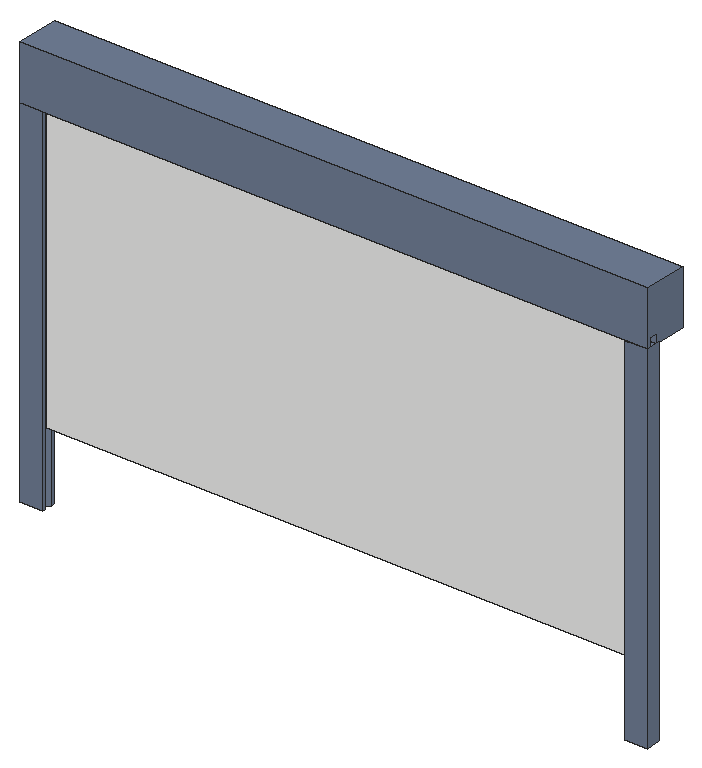
Revit family "B2B_Ворота. Противопожарные шторы", category Двери, Revit 2019
Family settings
  Основа = Стена
  Номер OmniClass = 23.30.10.00
  Заголовок OmniClass = Doors
  Всегда вертикально = Да
  При загрузке вырезать с полостями = Нет
  Общий = Нет
  Точка расчета площади = Нет
Parameters (values of type "2300*3500 в проем")
  Четверть глубина [instance] = 150 mm
  Толщина = if(1 = 1, Направляющая_толщина / 5, Направляющая_толщина / 5)  # 16 mm
  Тип конструкций = if(В проем, "Ворота противопожарные шторы в проем", "Ворота противопожарные шторы накладная")  # "Ворота противопожарные шторы в проем"
  Рулон ширина = 245 mm
  Рулон высота = 306 mm
  Rough Width = 3500 mm
  Rough Height = 2300 mm
  Полотно подъем [instance] = 400 mm
  Полотно = Ворота гаража
  Подвес наличник = Ворота гаража детали
  Подвес высота = 200 mm
  Описание = "Дверь. Ворота противопожарные шторы"  # constant formula
  Группа модели = "Заполнение дверных проемов"  # constant formula
  Аналитическая конструкция = "<Нет>"
  h = if(В проем, Height - Рулон высота, Height)  # 1994 mm
  a [instance] = if(В проем, Четверть глубина, 0 mm)  # 150 mm
  Направляющая_ширина = 125 mm
  Направляющая_толщина = 80 mm
  Каркас = Ворота секционные. Краска
  L = if(В проем, Width - 2 * Направляющая_ширина, Width)  # 3250 mm
  В проем = yes
  Функция = Наружные слои
  Height = Rough Height  # 2300 mm
  Замыкание стены = По основе
  Width = Rough Width  # 3500 mm
  ADSK_Этаж [instance] = ""
  ADSK_Толщина стены [instance] = 500 mm
  ADSK_Размер_Ширина [instance] = Width  # 3500 mm
  ADSK_Размер_Высота [instance] = Height  # 2300 mm
  ADSK_Примечание [instance] = ""
  ADSK_Предел огнестойкости экземпляра [instance] = ""
  ADSK_Предел огнестойкости = ""
  ADSK_Позиция [instance] = ""
  ADSK_Обозначение = ""
  ADSK_Наименование краткое = ""
  ADSK_Наименование = ""
  ADSK_Масса_Текст = ""
  ADSK_Масса = 0
  ADSK_Марка = ""
  ADSK_Количество = 1  # constant formula
  ADSK_Код изделия = ""
  ADSK_Зона [instance] = ""
  ADSK_Завод-изготовитель = ""
  ADSK_Единица измерения [instance] = "шт."  # constant formula
  ADSK_Группирование [instance] = ""
  ADSK_Версия семейства = "1.0"  # constant formula
  ADSK_Версия Revit = "2019"  # constant formula
  ADSK_URL страницы изделия = ""
  ADSK_URL документации изделия = ""
Types (2, lengths in mm): name | Тип конструкций | Rough Width | Rough Height | Полотно подъем | Подвес высота | h | a | L | В проем | Height | Width | ADSK_Размер_Ширина | ADSK_Размер_Высота
  2500*3000 накладная | "Ворота противопожарные шторы накладная" | 3000 | 2500 | 1000 | 300 | 2500 | 0 | 3000 | no | 2500 | 3000 | 3000 | 2500
  2300*3500 в проем | "Ворота противопожарные шторы в проем" | 3500 | 2300 | 400 | 200 | 1994 | 150 | 3250 | yes | 2300 | 3500 | 3500 | 2300
Reference planes
  plane 1: y = 0
  plane 2 "По центру (Влево/Вправо)": x = 0
  plane 3 "Слева": x = -1750
  plane 4 "Справа": x = 1750
  plane 5: z = 2300
  plane 6 "Наружный": y = 250
  plane 7 "Внутренние": y = -250
  plane 8 "ворота.плоскость": y = 100
  plane 9: x = -1625
  plane 10: x = 1625
  plane 11: x = -1750
  plane 12: x = 1750
  plane 13: y = 180
  plane 14: y = 164
  plane 15: y = 116
  plane 16: y = 148
  plane 17: y = 132
  plane 18: x = -1645.833
  plane 19: x = -1687.5
  plane 20: x = -1666.667
  plane 21: x = 1687.5
  plane 22: x = 1666.667
  plane 23: x = 1645.833
  plane 24 "подвес": z = 2300
  plane 25: z = 2500
  plane 26: z = 1994
  plane 27: y = 345
  plane 28: y = 148
  plane 29: y = 132
  plane 30: y = 116
  plane 31: y = 164
  plane 32: y = 137.333
  plane 33: y = 142.667
  plane 34: z = 400
  plane 35: z = 2450
  plane 36: z = 2400
  plane 37: z = 2350
  plane 38: y = 283.75
  plane 39: y = 222.5
  plane 40: y = 161.25
Forms (mm)
  Extrusion 1, solid, material "Ворота секционные. Краска" <- "Каркас"
    sketch origin (0, 0, 0) x (1, 0, 0) y (0, 1, 0)
      loop
        line (-1750, 180) -> (-1750, 100) -> (-1625, 100) -> (-1625, 116) -> (-1645.833, 132) -> (-1666.667, 132) -> (-1666.667, 148) -> (-1645, 148) -> (-1625, 164) -> (-1625, 180) -> (-1750, 180)
      loop
        line (1625, 180) -> (1625, 164) -> (1645.833, 148) -> (1666.667, 148) -> (1666.667, 132) -> (1645.833, 132) -> (1625, 116) -> (1625, 100) -> (1750, 100) -> (1750, 180) -> (1625, 180)
    from 0 to 1994
  Extrusion 2, solid, material "Ворота секционные. Краска" <- "Каркас"
    sketch origin (0, 0, 0) x (0, 1, 0) y (0, 0, 1)
      loop
        line (345, 1994) -> (345, 2300) -> (100, 2300) -> (100, 1994) -> (116, 1994) -> (116, 2044) -> (164, 2044) -> (164, 1994) -> (345, 1994)
    from -1750 to 1750
  Extrusion 3, solid, material "Ворота гаража" <- "Полотно"
    sketch origin (0, 0, 0) x (1, 0, 0) y (0, 1, 0)
      loop
        line (-1675, 142.667) -> (-1675, 137.333) -> (-1625, 137.333) -> (-1625, 132) -> (1625, 132) -> (1625, 137.333) -> (1675, 137.333) -> (1675, 142.667) -> (1625, 142.667) -> (1625, 148) -> (-1625, 148) -> (-1625, 142.667) -> (-1675, 142.667)
    from 400 to 2044
Lines and regions (mm)
  Opening 1
    outline origin (-3050, -250, 0) x (1, 0, 0) y (0, 0, 1)
      loop
        line (1300, 0) -> (4800, 0) -> (4800, 2300) -> (1300, 2300) -> (1300, 0)
Text (mm)
  text "Exterior" at (-2295.016, 1099.543, 0), in view "Опорный уровень"
  text "Exterior" at (0, 1615.38, 3698.081), in view "Слева"
  text "Exterior" at (0, 1036.032, 3874.932), in view "Справа"
Dimensions and locks
  equal spacing: plane 3 "Слева", plane 2 "По центру (Влево/Вправо)", plane 4 "Справа"
  "Width": plane 3 "Слева" to plane 4 "Справа"
  "Height": plane 5 to host wall
  host wall to plane 5 = 2300 mm
  locked: plane 6 "Наружный" to host wall at 0
  locked: plane 7 "Внутренние" to host wall
  "Направляющая_ширина": plane 11 to plane 9
  "Направляющая_ширина": plane 10 to plane 12
  "Направляющая_толщина": plane 13 to plane 8 "ворота.плоскость"
  equal spacing: plane 13, plane 14, plane 16, plane 17, plane 15, plane 8 "ворота.плоскость"
  equal spacing: plane 11, plane 19, plane 9
  equal spacing: plane 19, plane 20, plane 18, plane 9
  equal spacing: plane 10, plane 21, plane 12
  equal spacing: plane 10, plane 23, plane 22, plane 21
  "L": plane 9 to plane 10
  equal spacing: plane 9, plane 2 "По центру (Влево/Вправо)", plane 10
  "a": plane 6 "Наружный" to plane 8 "ворота.плоскость"
  "h": level to plane 26
  "Рулон высота": plane 26 to plane 24 "подвес"
  "Подвес высота": plane 24 "подвес" to plane 25
  "Рулон ширина": plane 27 to plane 8 "ворота.плоскость"
  locked: Extrusion 2 sketch curve to plane 26 at 50
  equal spacing: plane 13, plane 31, plane 28, plane 29, plane 30, plane 8 "ворота.плоскость"
  equal spacing: plane 28, plane 33, plane 32, plane 29
  "Полотно подъем": level to plane 34
  locked: plane 10 to Extrusion 3 sketch curve at 50
  locked: Extrusion 3 sketch curve to plane 9 at 50
  equal spacing: plane 25, plane 35, plane 36, plane 37, plane 24 "подвес"
  equal spacing: plane 27, plane 38, plane 39, plane 40, plane 8 "ворота.плоскость"
  "ADSK_Толщина стены": host wall to host wall
  aligned and locked: plane 3 "Слева" to Opening 1 sketch curve
  aligned and locked: plane 5 to Opening 1 sketch curve  (x2)
  aligned and locked: Opening 1 sketch curve to plane 4 "Справа"
  aligned and locked: Opening 1 sketch curve to level
  aligned and locked: plane 1 to host wall
  aligned and locked: Extrusion 1 sketch curve to plane 13
  aligned and locked: plane 11 to Extrusion 1 sketch curve
  aligned and locked: plane 8 "ворота.плоскость" to Extrusion 1 sketch curve
  aligned and locked: Extrusion 1 sketch curve to plane 9
  aligned and locked: plane 13 to Extrusion 1 sketch curve
  aligned and locked: plane 10 to Extrusion 1 sketch curve
  aligned and locked: Extrusion 1 sketch curve to plane 8 "ворота.плоскость"
  aligned and locked: Extrusion 1 sketch curve to plane 12
  aligned and locked: plane 26 to Extrusion 1
  aligned and locked: plane 26 to Extrusion 2 sketch curve
  aligned and locked: Extrusion 2 sketch curve to plane 27
  aligned and locked: Extrusion 2 sketch curve to plane 24 "подвес"
  aligned and locked: plane 8 "ворота.плоскость" to Extrusion 2 sketch curve
  aligned and locked: Extrusion 1 to Extrusion 2 sketch curve
  aligned and locked: Extrusion 2 sketch curve to Extrusion 1
  aligned and locked: plane 12 to Extrusion 2
  aligned and locked: Extrusion 2 to plane 11
  aligned and locked: Extrusion 3 sketch curve to Extrusion 3 sketch curve
  aligned and locked: Extrusion 3 to Extrusion 2
  aligned and locked: Extrusion 3 to plane 34
  aligned and locked: Extrusion 3 sketch curve to plane 28
  aligned and locked: Extrusion 3 sketch curve to plane 33  (x2)
  aligned and locked: plane 32 to Extrusion 3 sketch curve  (x2)
  aligned and locked: plane 29 to Extrusion 3 sketch curve
  aligned and locked: plane 9 to Extrusion 3 sketch curve
  aligned and locked: Extrusion 3 sketch curve to plane 10  (x2)
Automatic sketch dimensions
  Extrusion 1 sketch curve to plane 16 = 0 mm  (x2)
  Extrusion 1 sketch curve to plane 20 = 0 mm
  Extrusion 1 sketch curve to plane 17 = 0 mm  (x2)
  Extrusion 1 sketch curve to plane 18 = 0 mm
  Extrusion 1 sketch curve to plane 9 = 0 mm
  Extrusion 1 sketch curve to plane 23 = 0 mm  (x2)
  Extrusion 1 sketch curve to plane 22 = 0 mm
  Extrusion 1 sketch curve to plane 15 = 0 mm  (x2)
  Extrusion 1 sketch curve to plane 14 = 0 mm  (x2)
  plane 18 to Extrusion 1 sketch curve = 0.833 mm
  Extrusion 1 sketch curve to plane 10 = 0 mm
  Extrusion 2 sketch curve to plane 26 = 0 mm
